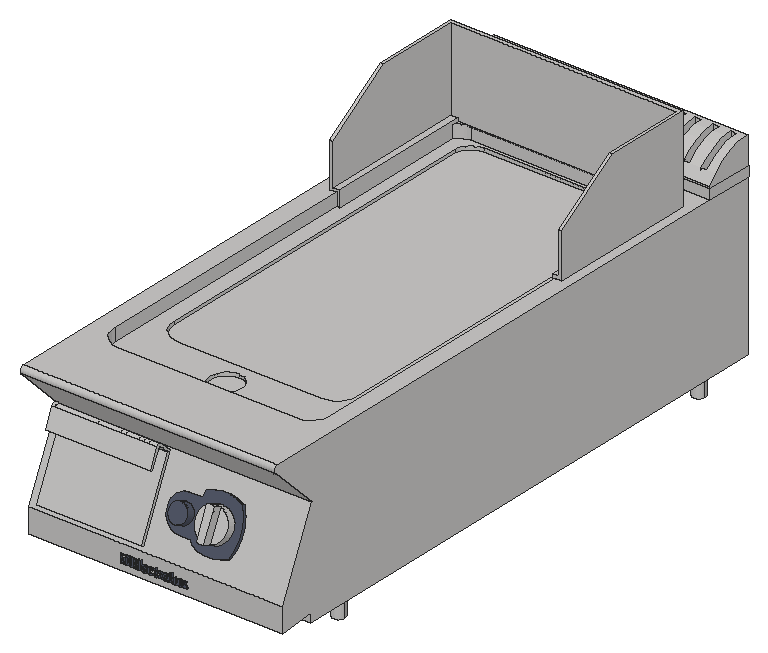
Revit family "QF_ELECTROLUXPROFESSIONAL_391589_E9IILTAOMCI", category Attrezzature speciali, Revit 2021 (continued)
Automatic sketch dimensions
  Extrusion 20 sketch curve to plane 11 = 19.089 mm
  Extrusion 21 sketch curve to plane 7 "Center Y" = 9.346 mm
  Extrusion 21 sketch curve to Extrusion 21 sketch curve = 9.296 mm
  plane 1 "BACK" to Extrusion 21 sketch curve = 6.761 mm
  Extrusion 21 sketch curve to plane 11 = 19.089 mm
  plane 1 "BACK" to Extrusion 22 sketch curve = 6.761 mm
  plane 12 to Extrusion 22 sketch curve = 17.43 mm
  Extrusion 22 sketch curve to Extrusion 22 sketch curve = 9.296 mm
  Extrusion 22 sketch curve to plane 11 = 19.089 mm
  Extrusion 23 sketch curve to plane 12 = 10.559 mm
  Extrusion 23 sketch curve to plane 12 = 1.263 mm
  plane 1 "BACK" to Extrusion 23 sketch curve = 6.761 mm
  Extrusion 23 sketch curve to plane 11 = 19.089 mm
  plane 1 "BACK" to Extrusion 24 sketch curve = 6.761 mm
  plane 7 "Center Y" to Extrusion 24 sketch curve = 50.737 mm
  Extrusion 24 sketch curve to Extrusion 24 sketch curve = 9.296 mm
  Extrusion 24 sketch curve to plane 11 = 19.089 mm
  plane 1 "BACK" to Extrusion 25 sketch curve = 6.761 mm
  plane 12 to Extrusion 25 sketch curve = 69.275 mm
  Extrusion 25 sketch curve to Extrusion 25 sketch curve = 9.296 mm
  Extrusion 25 sketch curve to plane 11 = 19.089 mm
  plane 1 "BACK" to Extrusion 26 sketch curve = 6.761 mm
  plane 12 to Extrusion 26 sketch curve = 41.311 mm
  Extrusion 26 sketch curve to Extrusion 26 sketch curve = 9.296 mm
  Extrusion 26 sketch curve to plane 11 = 19.089 mm
  plane 1 "BACK" to Extrusion 27 sketch curve = 6.761 mm
  plane 7 "Center Y" to Extrusion 27 sketch curve = 22.749 mm
  Extrusion 27 sketch curve to Extrusion 27 sketch curve = 9.296 mm
  Extrusion 27 sketch curve to plane 11 = 19.089 mm
  Split face 1 sketch curve to Split face 1 sketch curve = 11.575 mm
  Split face 1 sketch curve to Split face 1 sketch curve = 2 mm
  Extrusion 30 sketch curve to Extrusion 2 = 0 mm  (x2)
  Extrusion 2 to Extrusion 30 sketch curve = 5 mm  (x2)
  Extrusion 2 to Extrusion 30 sketch curve = 15 mm
  Extrusion 30 sketch curve to Extrusion 30 sketch curve = 130 mm  (x2)
  Extrusion 2 to Extrusion 30 sketch curve = 20 mm
  Extrusion 30 sketch curve to Extrusion 2 = 19.6 mm  (x2)
  Extrusion 30 sketch curve to Extrusion 30 sketch curve = 5 mm  (x5)
  Extrusion 30 sketch curve to Extrusion 30 sketch curve = 15 mm
  Extrusion 31 sketch curve to Extrusion 30 = 0 mm  (x2)
  Extrusion 31 sketch curve to Extrusion 30 = 65 mm
  Extrusion 31 sketch curve to Extrusion 30 = 100.091 mm
  Extrusion 32 sketch curve to Extrusion 30 = 0 mm
  Extrusion 30 to Extrusion 32 sketch curve = 0 mm
  Extrusion 30 to Extrusion 32 sketch curve = 65 mm
  Extrusion 30 to Extrusion 32 sketch curve = 100.091 mm
  Extrusion 33 sketch curve to Extrusion 30 = 0 mm  (x4)
  plane 1 "BACK" to curve 16 = 0 mm
  plane 16 to curve 86 = 0 mm
  curve 81 to plane 12 = 0 mm
  plane 16 to curve 76 = 0 mm
  curve 11 to plane 3 "LEFT" = 0 mm
  curve 4 to plane 3 "LEFT" = 0 mm
  curve 66 to plane 12 = 1.263 mm
  curve 66 to curve 66 = 9.296 mm
  curve 86 to plane 12 = 22.05 mm
  curve 10 to plane 10 = 1.851 mm
  curve 10 to plane 4 "RIGHT" = 24.95 mm
  curve 70 to curve 65 = 18.693 mm
  curve 74 to plane 4 "RIGHT" = 14.95 mm
  curve 70 to curve 70 = 9.296 mm
  plane 4 "RIGHT" to curve 4 = 0.05 mm
  plane 4 "RIGHT" to curve 11 = 0.05 mm
  plane 4 "RIGHT" to curve 3 = 100.069 mm
  plane 12 to curve 9 = 3.686 mm
  plane 1 "BACK" to curve 64 = 6.761 mm
  plane 12 to curve 64 = 17.43 mm
  plane 12 to curve 79 = 25.4 mm
  curve 61 to curve 64 = 9.296 mm
  plane 12 to curve 82 = 30.736 mm
  plane 1 "BACK" to curve 60 = 6.761 mm
  curve 63 to curve 60 = 14.586 mm
  curve 57 to curve 59 = 9.296 mm
  plane 1 "BACK" to curve 56 = 6.761 mm
  curve 59 to curve 56 = 18.668 mm
  curve 53 to curve 55 = 9.296 mm
  plane 1 "BACK" to curve 52 = 6.761 mm
  curve 55 to curve 52 = 18.693 mm
  curve 49 to curve 51 = 9.296 mm
  plane 1 "BACK" to curve 48 = 6.761 mm
  curve 51 to curve 48 = 18.693 mm
  curve 45 to curve 48 = 9.296 mm
  curve 41 to plane 7 "Center Y" = 9.346 mm
  curve 41 to curve 43 = 9.296 mm
  curve 15 to plane 7 "Center Y" = 22.2 mm
  plane 1 "BACK" to curve 37 = 6.761 mm
  curve 43 to curve 37 = 18.693 mm
  curve 37 to curve 38 = 9.296 mm
  plane 1 "BACK" to curve 36 = 6.761 mm
  curve 39 to curve 36 = 18.693 mm
  curve 33 to curve 35 = 9.296 mm
  plane 1 "BACK" to curve 29 = 6.761 mm
  curve 35 to curve 29 = 18.693 mm
  curve 29 to curve 32 = 9.296 mm
  curve 83 to plane 10 = 56.115 mm
  plane 3 "LEFT" to curve 83 = 92.523 mm
  plane 3 "LEFT" to curve 78 = 80.4 mm
  curve 30 to curve 25 = 18.668 mm
  curve 25 to curve 27 = 9.296 mm
  plane 3 "LEFT" to curve 12 = 67.523 mm
  curve 78 to curve 85 = 25.4 mm
  plane 1 "BACK" to curve 21 = 6.761 mm
  curve 27 to curve 21 = 18.693 mm
  curve 21 to curve 23 = 9.296 mm
  plane 3 "LEFT" to curve 76 = 35 mm
  curve 8 to plane 10 = 8.638 mm
  plane 1 "BACK" to curve 17 = 6.761 mm
  curve 23 to curve 17 = 18.693 mm
  plane 3 "LEFT" to curve 73 = 20 mm
  curve 17 to curve 19 = 9.296 mm
  plane 5 "FRONT" to curve 13 = 0.25 mm
  curve 13 to curve 5 = 12.7 mm
  curve 1 to plane 3 "LEFT" = 100.019 mm
  curve 1 to plane 1 "BACK" = 100.019 mm
  plane 1 "BACK" to curve 68 = 6.761 mm
  plane 1 "BACK" to curve 69 = 6.761 mm
  plane 1 "BACK" to curve 44 = 6.761 mm
  plane 1 "BACK" to curve 25 = 6.761 mm
  curve 31 to plane 11 = 19.089 mm
  curve 33 to plane 11 = 19.089 mm
  curve 27 to plane 11 = 19.089 mm
  curve 37 to plane 11 = 19.089 mm
  curve 23 to plane 11 = 19.089 mm
  curve 41 to plane 11 = 19.089 mm
  curve 19 to plane 11 = 19.089 mm
  curve 45 to plane 11 = 19.089 mm
  curve 62 to plane 11 = 19.089 mm
  curve 49 to plane 11 = 19.089 mm
  curve 65 to plane 11 = 19.089 mm
  curve 65 to curve 71 = 0 mm
  curve 53 to plane 11 = 19.089 mm
  curve 57 to curve 62 = 0 mm
  curve 4 to plane 11 = 7.988 mm
  plane 11 to curve 74 = 27 mm
  plane 11 to curve 79 = 37.362 mm
  curve 15 to curve 15 = 114.75 mm
  curve 1 to plane 13 = 115 mm
  curve 3 to plane 13 = 115 mm
  curve 75 to curve 87 = 5 mm
  curve 89 to curve 73 = 5 mm
  curve 73 to curve 89 = 5 mm
  Extrusion 3 sketch curve to plane 10 = 1.851 mm
  Extrusion 3 sketch curve to plane 4 "RIGHT" = 24.95 mm
  Extrusion 3 sketch curve to plane 12 = 1.65 mm
  plane 12 to Extrusion 3 sketch curve = 3.686 mm
  Extrusion 3 sketch curve to plane 10 = 8.638 mm
  plane 3 "LEFT" to Extrusion 3 sketch curve = 67.523 mm
  Extrusion 3 sketch curve to Extrusion 3 sketch curve = 25.4 mm
  plane 11 to Extrusion 3 sketch curve = 57.4 mm
  curve 91 to plane 12 = 1.65 mm
  curve 92 to curve 88 = 20.4 mm
  curve 92 to curve 92 = 20.4 mm
  curve 74 to curve 86 = 5 mm
  curve 92 to curve 78 = 5.362 mm
  curve 91 to curve 86 = 0 mm
  curve 86 to curve 91 = 10.267 mm
  curve 88 to curve 92 = 10.267 mm
  Extrusion 28 sketch curve to Extrusion 3 = 5.362 mm
  Extrusion 28 sketch curve to Extrusion 28 sketch curve = 25.4 mm
  Extrusion 28 sketch curve to Extrusion 3 = 30.762 mm
  Extrusion 28 sketch curve to Extrusion 3 = 25 mm
  Extrusion 28 sketch curve to Extrusion 3 = 122.523 mm
  Extrusion 28 sketch curve to Extrusion 3 = 27.05 mm
  Extrusion 28 sketch curve to Extrusion 3 = 115.736 mm
  Extrusion 28 sketch curve to Extrusion 28 sketch curve = 37.523 mm
  Extrusion 28 sketch curve to Extrusion 28 sketch curve = 107.477 mm
  curve 93 to curve 94 = 0 mm  (x2)
  curve 94 to plane 7 "Center Y" = 0 mm
  curve 94 to plane 10 = 41 mm
  curve 94 to plane 10 = 16 mm
  radius of Extrusion 4 sketch curve = 9.525 mm  (x4)
  radius of Extrusion 6 sketch curve = 25.4 mm
  radius of Extrusion 7 sketch curve to Extrusion 6 = 0 mm  (x2)
  radius of Extrusion 11 sketch curve = 6.4 mm
  radius of Extrusion 29 sketch curve = 15 mm
  radius of Extrusion 28 sketch curve = 25 mm
Connectors
  piping at (348.05, -666, 6), diameter 12.8
    settings: on Extrusion 11, index 1, connector inside diameter 0.50394", connector length 0 mm, flow factor 0, pipe flow 0 GPM, pressure drop 0.00 psi, fitting loss kfactor 0, connector angle 0.00°, fixture units 0, engagement length 0 mm, angle of deflection 0.00°, flow configuration 1, flow direction 1, fitting loss method 0, system type 7, joint type 0, gender type 0, connector reference index -1, connector utility 0, adjustable connector no, is connector primary yes, connector description "GAS CONNECTION"
